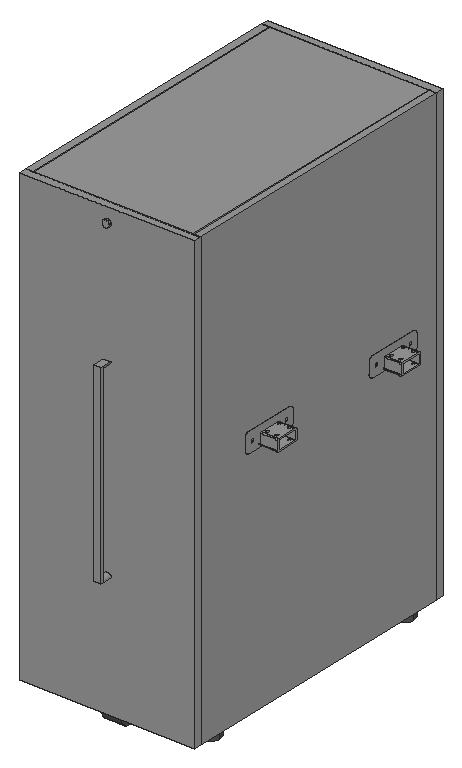
Revit family "Haworth_Epure_Pedestal_SingleDrawer_EU_PRELIMINARY", category Furniture, Revit 2019
Family settings
  OmniClass Number = 23.40.70.14.64.11
  OmniClass Title = Office Furniture
  Work Plane-Based = No
  Always vertical = Yes
  Cut with Voids When Loaded = No
  Shared = No
  Room Calculation Point = No
Parameters (values of type "121H x 45w x 80d - 2 Fixing Kit - New Tibas")
  without Fixing = not(with Fixing)  # no
  with Fixing = and(or(Epure Fixing Left, Epure Fixing Right, New T_Up Fixing Left, New T_Up Fixing Right, New Tibas Fixing Left, New Tibas Fixing Right))  # yes
  Warranty = "http://www.haworth.com/resources/product-info/warranties"
  URL - Product = "https://www.haworth.com/eu/en/products/office-desks/epure-01.html"
  Type Comments = ""
  URL = "https://www.haworth.com/eu/en.html"
  Trim Finish = Haworth _ Polymer _ Undecided
  Small = not(Large)  # no
  Size = "Verify Final Dim.w/ Haworth"  # constant formula
  Revision Number = "1"  # constant formula
  Pedestal Finish [instance] = Haworth _ Laminate _ Undecided _ Pedestal
  New Tibas Fixing Right = yes
  New Tibas Fixing Left = yes
  New T_Up Fixing Right = no
  New T_Up Fixing Left = no
  Model = "EUHP08F1XL"  # constant formula
  Manufacturer = "Haworth"  # constant formula
  Large = yes
  Glide Finish = Haworth _ Polymer _ Black
  Front Finish [instance] = Haworth _ Laminate _ Undecided _ Pedestal
  Fixing Kit Finish [instance] = Haworth _ Polymer _ Undecided
  Fixing Kit = "Either Without Fixing Kit, with One Fixing Kit or with Two Fixing Kit"  # constant formula
  Epure Fixing Right = no
  Epure Fixing Left = no
  Description = "Haworth - Epure - Pedestal with Single Drawer"  # constant formula
  Author = "Haworth (Abd Rahman)"  # constant formula
  Assembly Code = "E2020200"
  Actual Width = 45 cm  # constant formula
  Actual Height = if(Small, 69.5 cm, 121 cm)  # 121 cm
  Actual Depth = 80 cm  # constant formula
Types (6, lengths in cm): name | without Fixing | with Fixing | Small | New Tibas Fixing Right | New Tibas Fixing Left | New T_Up Fixing Right | New T_Up Fixing Left | Large | Epure Fixing Right | Epure Fixing Left | Actual Height
  69.5H x 45w x 80d - No Fixing | yes | no | yes | no | no | no | no | no | no | no | 69.5
  121H x 45w x 80d - No Fixing | yes | no | no | no | no | no | no | yes | no | no | 121
  121H x 45w x 80d - 2 Fixing Kit - Epure | no | yes | no | no | no | no | no | yes | yes | yes | 121
  69.5H x 45w x 80d - Two Fixing Kit - New T_Up | no | yes | yes | no | no | yes | yes | no | no | no | 69.5
  121H x 45w x 80d - 2 Fixing Kit - New Tibas | no | yes | no | yes | yes | no | no | yes | no | no | 121
  69.5H x 45w x 80d - 1 Fixing Kit - New T_Up | no | yes | yes | no | no | yes | no | no | no | no | 69.5
Reference planes (cm)
  plane 1 "Center F/B": y = 17.4526
  plane 2: z = 0
  plane 3 "Center L/R": x = 11.43
  plane 4 "Top": z = 121
  plane 5 "Left": x = -11.07
  plane 6 "Right": x = 33.93
  plane 7 "Back": y = 57.4526
  plane 8 "Front": y = -22.5474
  plane 9: y = -20.6474
  plane 10: y = 55.5526
  plane 11: x = 32.03
  plane 12: x = -9.17
  plane 13: z = 3.7401
  plane 14: z = 5.6401
  plane 15: y = -9.9474
  plane 16: x = -5.3597
  plane 17: y = 51.4693
  plane 18: y = -11.0641
  plane 19: x = 29.1572
  plane 20: z = 6.6
  plane 21: y = -17.9453
  plane 22: z = 2.7019
  plane 23: x = 8.53
  plane 24: x = 13.53
  plane 25: z = 60.5
  plane 26: z = 69.5
  plane 27: y = 1.0707
  plane 28: y = 41.0346
  plane 29: z = 117.2336
  plane 30: y = -22.9792
Forms (cm)
  Extrusion 1, solid, material "Haworth _ Laminate _ Undecided _ Pedestal" <- "Pedestal Finish"
    sketch origin (0, 0, 0) x (1, 0, 0) y (0, 1, 0)
      loop
        line (-11.07, 57.4526) -> (-11.07, 55.5526) -> (33.93, 55.5526) -> (33.93, 57.4526) -> (-11.07, 57.4526)
    from 3.7401 to 121
  Extrusion 2, solid, material "Haworth _ Laminate _ Undecided _ Pedestal" <- "Front Finish"
    sketch origin (0, 0, 0) x (1, 0, 0) y (0, 1, 0)
      loop
        line (-11.07, -20.6474) -> (-11.07, -22.5474) -> (33.93, -22.5474) -> (33.93, -20.6474) -> (-11.07, -20.6474)
    from 3.7401 to 121
  Extrusion 3, solid, material "Haworth _ Laminate _ Undecided _ Pedestal" <- "Pedestal Finish"
    sketch origin (0, 0, 0) x (1, 0, 0) y (0, 1, 0)
      loop
        line (-11.07, 55.5526) -> (-11.07, -20.6474) -> (-9.17, -20.6474) -> (-9.17, 55.5526) -> (-11.07, 55.5526)
      loop
        line (32.03, 55.5526) -> (32.03, -20.6474) -> (33.93, -20.6474) -> (33.93, 55.5526) -> (32.03, 55.5526)
    from 3.7401 to 121
  Extrusion 4, solid, material "Haworth _ Laminate _ Undecided _ Pedestal" <- "Pedestal Finish"
    sketch origin (0, 0, 0) x (1, 0, 0) y (0, 1, 0)
      loop
        line (-9.17, 55.5526) -> (-9.17, -20.6474) -> (32.03, -20.6474) -> (32.03, 55.5526) -> (-9.17, 55.5526)
    from 5.6401 to 121
  Extrusion 5, solid, material "Haworth _ Laminate _ Undecided _ Pedestal" <- "Pedestal Finish"
    sketch origin (0, 0, 0) x (1, 0, 0) y (0, 1, 0)
      loop
        line (-9.17, 55.5526) -> (-9.17, -9.9474) -> (32.03, -9.9474) -> (32.03, 55.5526) -> (-9.17, 55.5526)
    from 3.7401 to 5.6401
  Extrusion 6, solid, material "Haworth _ Polymer _ Black" <- "Glide Finish"
    sketch origin (0, 0, 0) x (1, 0, 0) y (0, 1, 0)
      loop
        circle (-5.3597, 51.4693) r 2.2
      loop
        circle (29.1572, 51.4693) r 2.2
      loop
        circle (-5.3597, -11.0641) r 2.2
      loop
        circle (29.1572, -11.0641) r 2.2
    from 0 to 6.6
  Extrusion 7, solid, material "Haworth _ Polymer _ Black" <- "Glide Finish"
    sketch origin (11.43, 0, 0) x (0, 1, 0) y (0, 0, 1)
      loop
        circle (-17.9453, 2.7019) r 2.7
    from -2.9 to 2.1
  Extrusion 8, solid, material "Haworth _ Polymer _ Undecided" <- "Trim Finish"
    sketch origin (0, -22.5474, 0) x (-1, 0, 0) y (0, 0, 1)
      loop
        circle (-11.43, 117.2336) r 0.92
    from -0.4319 to 0
Lines and regions (cm)
  Masking region 1
    outline origin (0, 0, 0) x (1, 0, 0) y (0, 1, 0)
      loop
        line (-11.07, 57.4526) -> (-11.07, -22.5474) -> (33.93, -22.5474) -> (33.93, 57.4526) -> (-11.07, 57.4526)
      loop
        line (-9.17, 55.5526) -> (-9.17, -20.6474) -> (32.03, -20.6474) -> (32.03, 55.5526) -> (-9.17, 55.5526)
Dimensions and locks (cm)
  "Actual Height": plane 4 "Top" to level
  equal spacing: plane 7 "Back", plane 1 "Center F/B", plane 8 "Front"
  "Actual Depth": plane 7 "Back" to plane 8 "Front"
  equal spacing: plane 5 "Left", plane 3 "Center L/R", plane 6 "Right"
  "Actual Width": plane 5 "Left" to plane 6 "Right"
  locked: plane 9 to plane 8 "Front" at 1.9
  plane 10 to plane 7 "Back" = 1.9 cm
  locked: plane 11 to plane 6 "Right" at 1.9
  locked: plane 5 "Left" to plane 12 at 1.9
  plane 20 to plane 14 to plane 13 to plane 2 = 0.9599 cm locked, 1.9 cm locked, 3.7401 cm locked
  locked: plane 9 to plane 15 at 10.7
  locked: plane 5 "Left" to plane 16 at 5.7103
  locked: plane 19 to plane 6 "Right" at 4.7728
  locked: plane 17 to plane 7 "Back" at 5.9833
  locked: plane 18 to plane 8 "Front" at 11.4833
  locked: plane 8 "Front" to plane 21 at 4.602
  locked: plane 2 to plane 22 at 2.7019
  plane 24 to plane 3 "Center L/R" to plane 23 = 2.1 cm locked, 2.9 cm locked
  equal spacing: plane 4 "Top", plane 25, plane 2
  locked: plane 26 to plane 2 at 69.5
  locked: plane 7 "Back" to plane 28 at 16.418
  locked: plane 8 "Front" to plane 27 at 23.6181
  locked: plane 4 "Top" to plane 29 at 3.7664
  locked: plane 30 to plane 8 "Front" at 0.4319
  aligned and locked: Extrusion 1 sketch curve to plane 10
  aligned and locked: Extrusion 1 sketch curve to plane 6 "Right"
  aligned and locked: Extrusion 1 sketch curve to plane 7 "Back"
  aligned and locked: plane 5 "Left" to Extrusion 1 sketch curve
  aligned and locked: plane 8 "Front" to Extrusion 2 sketch curve
  aligned and locked: Extrusion 2 sketch curve to plane 9
  aligned and locked: Extrusion 2 sketch curve to plane 6 "Right"
  aligned and locked: plane 5 "Left" to Extrusion 2 sketch curve
  aligned and locked: plane 4 "Top" to Extrusion 1
  aligned and locked: plane 4 "Top" to Extrusion 2
  aligned and locked: plane 13 to Extrusion 1
  aligned and locked: plane 13 to Extrusion 2
  aligned and locked: Extrusion 3 sketch curve to plane 6 "Right"
  aligned and locked: plane 11 to Extrusion 3 sketch curve
  aligned and locked: plane 12 to Extrusion 3 sketch curve
  aligned and locked: plane 5 "Left" to Extrusion 3 sketch curve
  aligned and locked: plane 10 to Extrusion 3 sketch curve  (x2)
  aligned and locked: plane 9 to Extrusion 3 sketch curve  (x2)
  aligned and locked: plane 13 to Extrusion 3
  aligned and locked: plane 4 "Top" to Extrusion 3
  aligned and locked: Extrusion 4 sketch curve to plane 11
  aligned and locked: plane 10 to Extrusion 4 sketch curve
  aligned and locked: Extrusion 4 sketch curve to plane 12
  aligned and locked: plane 9 to Extrusion 4 sketch curve
  aligned and locked: plane 14 to Extrusion 4
  aligned and locked: plane 4 "Top" to Extrusion 4
  aligned and locked: Extrusion 5 sketch curve to plane 11
  aligned and locked: plane 10 to Extrusion 5 sketch curve
  aligned and locked: Extrusion 5 sketch curve to plane 12
  aligned and locked: plane 15 to Extrusion 5
  aligned and locked: plane 13 to Extrusion 5
  aligned and locked: Extrusion 5 to plane 14
  aligned and locked: plane 16 to Extrusion 6 sketch curve  (x2)
  aligned and locked: plane 17 to Extrusion 6 sketch curve  (x2)
  aligned and locked: plane 19 to Extrusion 6 sketch curve  (x2)
  aligned and locked: plane 18 to Extrusion 6 sketch curve  (x2)
  aligned and locked: Extrusion 6 to plane 2
  aligned and locked: Extrusion 6 to plane 20
  aligned and locked: plane 21 to Extrusion 7 sketch curve
  aligned and locked: plane 22 to Extrusion 7 sketch curve
  aligned and locked: Extrusion 7 to plane 23
  aligned and locked: plane 24 to Extrusion 7
  aligned and locked: plane 3 "Center L/R" to nested 1
  aligned and locked: nested 1 to plane 8 "Front"
  aligned and locked: plane 25 to nested 1
  aligned and locked: nested 4 to plane 6 "Right"
  aligned and locked: plane 6 "Right" to nested 3
  aligned and locked: nested 2 to plane 6 "Right"
  aligned and locked: nested 4 to plane 26
  aligned and locked: nested 3 to plane 26
  aligned and locked: nested 2 to plane 26
  aligned and locked: nested 2 to plane 28
  aligned and locked: plane 1 "Center F/B" to nested 3
  aligned and locked: nested 4 to plane 28
  aligned and locked: nested 6 to plane 6 "Right"
  aligned and locked: plane 27 to nested 6
  aligned and locked: plane 27 to nested 5
  aligned and locked: nested 5 to plane 6 "Right"
  aligned and locked: nested 6 to plane 26
  aligned and locked: nested 5 to plane 26
  aligned and locked: nested 11 to plane 5 "Left"
  aligned and locked: nested 10 to plane 5 "Left"
  aligned and locked: plane 5 "Left" to nested 8
  aligned and locked: nested 9 to plane 5 "Left"
  aligned and locked: nested 7 to plane 5 "Left"
  aligned and locked: plane 26 to nested 9
  aligned and locked: plane 26 to nested 7
  aligned and locked: plane 26 to nested 8
  aligned and locked: plane 26 to nested 11
  aligned and locked: plane 26 to nested 10
  aligned and locked: nested 11 to plane 27
  aligned and locked: nested 10 to plane 27
  aligned and locked: nested 8 to plane 1 "Center F/B"
  aligned and locked: plane 28 to nested 9
  aligned and locked: plane 28 to nested 7
  aligned and locked: plane 3 "Center L/R" to Extrusion 8 sketch curve
  aligned and locked: plane 29 to Extrusion 8 sketch curve
  aligned and locked: plane 8 "Front" to Extrusion 8
  aligned and locked: Extrusion 8 to plane 30
  aligned and locked: Masking region 1 sketch curve to plane 6 "Right"
  aligned and locked: Masking region 1 sketch curve to plane 7 "Back"
  aligned and locked: plane 5 "Left" to Masking region 1 sketch curve
  aligned and locked: plane 8 "Front" to Masking region 1 sketch curve
  aligned and locked: Masking region 1 sketch curve to plane 11
  aligned and locked: plane 9 to Masking region 1 sketch curve
  aligned and locked: Masking region 1 sketch curve to plane 12
  aligned and locked: plane 10 to Masking region 1 sketch curve
Automatic sketch dimensions
  plane 8 "Front" to Extrusion 5 sketch curve = 12.6 cm
  radius of Extrusion 6 sketch curve = 2.2 cm  (x4)
  radius of Extrusion 7 sketch curve = 2.7 cm
  radius of Extrusion 8 sketch curve = 0.92 cm
Nested families (cm)
  nested 1: "Haworth_Door-Pulls_PART" at (14.6892, -22.4706, 60.5), type "Pull"
    with Classic Pull Length 50 cm
  nested 2: "Haworth_Epure_Pedestal-FixingEpureEU-PART" at (146.3466, 2.2446, 0.4304), Fixing Finish <- "Fixing Kit Finish", visible <- "Epure Fixing Right", type "Epure - Fixing"
    with Fixing Finish Haworth _ Polymer _ Undecided
  nested 3: "Haworth_Epure_Pedestal-FixingNewT_UpEU-PART" at (159.8284, -21.3374, 0.4361), Fixing Finish <- "Fixing Kit Finish", visible <- "New T_Up Fixing Right", type "New T_Up - Fixing"
    with Fixing Finish Haworth _ Polymer _ Undecided
  nested 4: "Haworth_Epure_Pedestal-FixingNewTibasEU-PART" at (141.3466, 2.2446, 0.035), Fixing Finish <- "Fixing Kit Finish", visible <- "New Tibas Fixing Right", type "New Tibas - Fixing"
    with Fixing Finish Haworth _ Polymer _ Undecided
  nested 5: "Haworth_Epure_Pedestal-FixingNewTibasEU-PART" at (141.3466, -37.7193, 0.035), Fixing Finish <- "Fixing Kit Finish", visible <- "New Tibas Fixing Right", type "New Tibas - Fixing"
    with Fixing Finish Haworth _ Polymer _ Undecided
  nested 6: "Haworth_Epure_Pedestal-FixingEpureEU-PART" at (146.3466, -37.7193, 0.4304), Fixing Finish <- "Fixing Kit Finish", visible <- "Epure Fixing Right", type "Epure - Fixing"
    with Fixing Finish Haworth _ Polymer _ Undecided
  nested 7: "Haworth_Epure_Pedestal-FixingEpureEU-PART" at (-123.4866, 2.2446, 0.4304) x (-1, 0, 0) z (0, 0, 1), Fixing Finish <- "Fixing Kit Finish", visible <- "Epure Fixing Left", type "Epure - Fixing"
    with Fixing Finish Haworth _ Polymer _ Undecided
  nested 8: "Haworth_Epure_Pedestal-FixingNewT_UpEU-PART" at (-136.9684, -21.3374, 0.4361) x (-1, 0, 0) z (0, 0, 1), Fixing Finish <- "Fixing Kit Finish", visible <- "New T_Up Fixing Left", type "New T_Up - Fixing"
    with Fixing Finish Haworth _ Polymer _ Undecided
  nested 9: "Haworth_Epure_Pedestal-FixingNewTibasEU-PART" at (-118.4866, 2.2446, 0.035) x (-1, 0, 0) z (0, 0, 1), Fixing Finish <- "Fixing Kit Finish", visible <- "New Tibas Fixing Left", type "New Tibas - Fixing"
    with Fixing Finish Haworth _ Polymer _ Undecided
  nested 10: "Haworth_Epure_Pedestal-FixingNewTibasEU-PART" at (-118.4866, -37.7193, 0.035) x (-1, 0, 0) z (0, 0, 1), Fixing Finish <- "Fixing Kit Finish", visible <- "New Tibas Fixing Left", type "New Tibas - Fixing"
    with Fixing Finish Haworth _ Polymer _ Undecided
  nested 11: "Haworth_Epure_Pedestal-FixingEpureEU-PART" at (-123.4866, -37.7193, 0.4304) x (-1, 0, 0) z (0, 0, 1), Fixing Finish <- "Fixing Kit Finish", visible <- "Epure Fixing Left", type "Epure - Fixing"
    with Fixing Finish Haworth _ Polymer _ Undecided
Definition of nested family "Haworth_Door-Pulls_PART"
  Parameters (values of type "Pull")
    Working Distance = 0 cm  # constant formula
    Wing Pull Length = 21.1074 cm
    Wing = no
    Warranty = "https://www.haworth.com/resources/product-info/warranties"
    URL - Product = ""
    URL = "www.haworth.com"
    Trim Finish = none
    Revision Number = "1"  # constant formula
    Model = "Haworth Be_Hold"  # constant formula
    Manufacturer = "Haworth"  # constant formula
    Linear Pull Length = 18.1102 cm
    Linear = no
    Description = "Haworth - Be_Hold - Door Pulls"
    Cresent = no
    Classic Pull Length = 20.32 cm
    Classic = yes
    Author = "Haworth (Alias)"  # constant formula
    Assembly Code = ""
  Reference planes (cm)
    plane 1 "Center F/B": y = -0.0768
    plane 2 "Center": z = 0
    plane 3 "Center L/R": x = -3.2592
    plane 4 "Right": x = -1.9892
    plane 5 "Left": x = -4.5292
    plane 6 "cresent": x = -3.2592
    plane 7 "classic": x = -3.2592
    plane 8 "linear": x = -3.2592
    plane 9 "Top linear": z = 9.0551
    plane 10 "Bottom linear": z = -9.0551
    plane 11 "Left wing": x = -13.8129
    plane 12 "Right wing": x = 7.2945
    plane 13 "Top classic": z = 10.16
    plane 14 "Bottom classic": z = -10.16
  Forms (cm)
    Extrusion 1, solid, material <- "Trim Finish", visible <- "Linear"
      sketch origin (-3.2592, 0, 0) x (0, 0, 1) y (0, -1, 0)
        loop
          line (9.0551, 0.0768) -> (9.0551, 3.2518) -> (-9.0551, 3.2518) -> (-9.0551, 0.0768) -> (-6.5151, 0.0768) -> (-6.5151, 2.6168) -> (6.5151, 2.6168) -> (6.5151, 0.0768) -> (9.0551, 0.0768)
      from 0.3175 to -0.3175
    Extrusion 2, solid, material <- "Trim Finish", visible <- "Classic"
      sketch origin (-17.5467, -0.0768, 29.0033) x (0, 0, -1) y (1, 0, 0)
        loop
          line (18.8433, 15.24) -> (18.8433, 13.335)
          arc (18.8433, 13.335) -> (19.7958, 14.2875) -> (18.8433, 15.24) r 0.9525
      from 0 to 2.54
    Extrusion 3, solid, material <- "Trim Finish", visible <- "Classic"
      sketch origin (-17.5467, -0.0768, -11.7475) x (0, 0, 1) y (-1, 0, 0)
        loop
          arc (1.5875, -15.24) -> (2.54, -14.2875) -> (1.5875, -13.335) r 0.9525
          line (1.5875, -13.335) -> (1.5875, -15.24)
      from 0 to 2.54
    Extrusion 4, solid, material <- "Trim Finish", visible <- "Classic"
      sketch origin (-17.5467, -0.0768, 29.0033) x (0, 0, -1) y (1, 0, 0)
        loop
          line (18.8433, 15.24) -> (18.8433, 13.335) -> (39.1633, 13.335) -> (39.1633, 15.24) -> (18.8433, 15.24)
      from 2.54 to 3.175
    Sweep 5, solid, material <- "Trim Finish", visible <- "Cresent"
      path origin (-3.2592, 0, 0) x (0, 1, 0) y (0, 0, 1)
        loop
          arc (-0.0768, 9.4293) -> (-3.175, 0.0077) -> (-0.0768, -9.414) r 15.875
      profile origin (-3.2592, -3.175, 0.0077) x (1, 0, 0) y (0, 1, 0)
        loop
          circle (0, 0.3175) r 0.3175
    Extrusion 6, void
      sketch origin (-3.2592, 0, 0) x (0, 0, 1) y (0, -1, 0)
        loop
          line (9.6277, 0.0768) -> (-9.7545, 0.0768) -> (-9.7545, -0.8146) -> (9.6277, -0.8146) -> (9.6277, 0.0768)
      from 0.635 to -0.635
    Sweep 7, solid, material <- "Trim Finish", visible <- "Wing"
      path origin (0, 0, 0) x (1, 0, 0) y (0, 1, 0)
        loop
          line (7.2945, -0.0768) -> (-13.8129, -0.0768)
      profile origin (-3.2592, -0.0768, 0) x (0, -1, 0) y (0, 0, 1)
        loop
          line (0, 0) -> (0, -0.1397) -> (1.8151, -1.154)
          arc (1.8151, -1.154) -> (2.1712, -1.0357) -> (2.0214, -0.6917) r 0.2541
          line (2.0214, -0.6917) -> (0, 0)
    Extrusion 8, void
      sketch origin (0, 0, 0) x (1, 0, 0) y (0, 1, 0)
        loop
          line (-13.8129, -0.0768) -> (-13.8129, -2.7247) -> (-12.8491, -2.7247) -> (-13.8129, -0.0768)
        loop
          line (7.2945, -0.0768) -> (6.3307, -2.7247) -> (7.2945, -2.7247) -> (7.2945, -0.0768)
      from -9.0551 to 9.0551
  Cuts and joins
    Extrusion 6 cuts Extrusion 2
    Extrusion 6 cuts Extrusion 3
    Extrusion 6 cuts Extrusion 4
    joined: Extrusion 2, Extrusion 3, Extrusion 4
    Extrusion 6 cuts Extrusion 1
    Extrusion 6 cuts Sweep 5
    Extrusion 8 cuts Sweep 7
  Lines and regions (cm)
    symbolic lines, detail levels fine
      curve 1: line (-4.5292, -0.0768, 0) -> (-1.9892, -0.0768, 0)
  Dimensions and locks (cm)
    equal spacing: plane 4 "Right", plane 3 "Center L/R", plane 5 "Left"
    locked: plane 4 "Right" to plane 5 "Left" at 2.54
    cut or joined group of Extrusion 2, Extrusion 3, Extrusion 4, Extrusion 6 to plane 7 "classic" to cut or joined group of Extrusion 2, Extrusion 3, Extrusion 4, Extrusion 6 = 0.9525 cm locked, 0.9525 cm locked
    locked: Extrusion 6 sketch curve to plane 9 "Top linear" at 0.5726
    locked: plane 10 "Bottom linear" to Extrusion 6 sketch curve at 0.6994
    locked: Extrusion 8 sketch curve to plane 1 "Center F/B" at 2.6479
    locked: plane 1 "Center F/B" to Extrusion 8 sketch curve at 2.6479
    "Working Distance": plane 3 "Center L/R" to plane 7 "classic"
    "Working Distance": plane 3 "Center L/R" to plane 6 "cresent"
    "Working Distance": plane 3 "Center L/R" to plane 8 "linear"
    locked: plane 9 "Top linear" to Extrusion 1 sketch curve at 2.54
    locked: plane 10 "Bottom linear" to Extrusion 1 sketch curve at 2.54
    equal spacing: plane 9 "Top linear", plane 2 "Center", plane 10 "Bottom linear"
    "Linear Pull Length": plane 9 "Top linear" to plane 10 "Bottom linear"
    equal spacing: plane 13 "Top classic", plane 2 "Center", plane 14 "Bottom classic"
    "Classic Pull Length": plane 13 "Top classic" to plane 14 "Bottom classic"
    equal spacing: plane 12 "Right wing", plane 3 "Center L/R", plane 11 "Left wing"
    "Wing Pull Length": plane 12 "Right wing" to plane 11 "Left wing"
    locked: plane 11 "Left wing" to Extrusion 8 sketch curve at 0.9638
    locked: Extrusion 8 sketch curve to plane 12 "Right wing" at 0.9638
    aligned: Extrusion 1 to plane 1 "Center F/B"  (x2)
    aligned and locked: level to plane 2 "Center"
    aligned and locked: plane 6 "cresent" to Sweep 5 sketch curve
    aligned and locked: Extrusion 1 sketch curve to plane 9 "Top linear"
    aligned and locked: plane 10 "Bottom linear" to Extrusion 1 sketch curve
    aligned and locked: Sweep 7 sketch curve to plane 1 "Center F/B"
    aligned and locked: Extrusion 8 to plane 10 "Bottom linear"
    aligned and locked: plane 9 "Top linear" to Extrusion 8
    aligned and locked: plane 1 "Center F/B" to curve 1
    aligned and locked: plane 4 "Right" to curve 1
    aligned and locked: plane 5 "Left" to curve 1
    aligned and locked: Extrusion 4 sketch curve to plane 13 "Top classic"
    aligned and locked: plane 14 "Bottom classic" to Extrusion 4 sketch curve
    aligned and locked: plane 13 "Top classic" to Extrusion 2 sketch curve  (x2)
    aligned and locked: plane 7 "classic" to Extrusion 2 sketch curve
    aligned and locked: plane 7 "classic" to Extrusion 3 sketch curve
    aligned and locked: plane 14 "Bottom classic" to Extrusion 3 sketch curve  (x2)
    aligned and locked: plane 11 "Left wing" to Sweep 7 sketch curve
    aligned and locked: plane 12 "Right wing" to Sweep 7 sketch curve
    aligned and locked: Extrusion 8 sketch curve to plane 11 "Left wing"
    aligned and locked: Extrusion 8 sketch curve to plane 12 "Right wing"
  Automatic sketch dimensions
    Sweep 5 sketch curve to plane 1 "Center F/B" = 0 cm  (x2)
    level to Sweep 5 sketch curve = 0.0077 cm
    Sweep 5 sketch curve to plane 1 "Center F/B" = 12.7768 cm
    Sweep 5 sketch curve to profile plane = 0.3175 cm
    Sweep 5 sketch curve to level = 9.414 cm
    Extrusion 6 sketch curve to plane 1 "Center F/B" = 0 cm
    Extrusion 6 sketch curve to plane 1 "Center F/B" = 0.8914 cm
    Sweep 7 sketch curve to level = 0 cm
    Sweep 7 sketch curve to profile plane = 0 cm
    Sweep 7 sketch curve to profile plane = 1.8151 cm
    Sweep 7 sketch curve to Sweep 7 sketch curve = 0.124 cm
    Sweep 7 sketch curve to level = 0.6917 cm
    Sweep 7 sketch curve to Sweep 7 sketch curve = 0.0823 cm
    Sweep 7 sketch curve to Sweep 7 sketch curve = 0.2404 cm
    Sweep 7 sketch curve to Sweep 7 sketch curve = 0.1397 cm
    Extrusion 1 sketch curve to plane 1 "Center F/B" = 0 cm  (x2)
    plane 1 "Center F/B" to Extrusion 1 sketch curve = 2.54 cm
    Extrusion 1 sketch curve to Extrusion 1 sketch curve = 0.635 cm
    plane 5 "Left" to Extrusion 4 sketch curve = 0.3175 cm
    Extrusion 4 sketch curve to plane 4 "Right" = 0.3175 cm
    plane 1 "Center F/B" to Extrusion 8 sketch curve = 0 cm  (x2)
    plane 5 "Left" to Extrusion 2 sketch curve = 0.3175 cm
    Extrusion 3 sketch curve to plane 4 "Right" = 0.3175 cm
    radius of Sweep 5 sketch curve = 0.3175 cm
Definition of nested family "Haworth_Epure_Pedestal-FixingEpureEU-PART"
  Parameters (values of type "Epure - Fixing")
    Warranty = "http://www.haworth.com/resources/product-info/warranties"
    URL - Product = ""
    URL = "https://www.haworth.com/eu/en.html"
    Size = "Verify Final Dim. w/ Haworth"  # constant formula
    Revision Number = "1"  # constant formula
    Model = ""
    Manufacturer = "Haworth"  # constant formula
    Fixing Finish [instance] = none
    Epure Fixing = yes
    Description = ""
    Author = "Haworth (Abd Rahman)"  # constant formula
    Assembly Code = "E2020200"
    Actual Width = 10 cm  # constant formula
    Actual Height = 6 cm  # constant formula
    Actual Depth = 15 cm  # constant formula
  Reference planes (cm)
    plane 1: z = -0.5
    plane 2: y = 38.79
    plane 3: x = -102.4166
    plane 4: x = -112.4166
    plane 5: x = -107.4166
    plane 6: y = 31.29
    plane 7: y = 46.29
    plane 8: z = 69.0696
    plane 9: z = 63.0696
  Forms (cm)
    Extrusion 1, solid, material <- "Fixing Finish", visible <- "Epure Fixing"
      sketch origin (355.0287, 127.25, 0) x (1, 0, 0) y (0, 0, 1)
        loop
          line (-467.0453, 63.4696) -> (-467.0453, 69.0696) -> (-467.4453, 69.0696) -> (-467.4453, 63.0696) -> (-457.4453, 63.0696) -> (-457.4453, 63.4696) -> (-467.0453, 63.4696)
      from 80.96 to 95.96
    Extrusion 2, void
      sketch origin (355.0287, 113.46, 0) x (1, 0, 0) y (0, 1, 0)
        loop
          arc (-458.3839, -67.17) -> (-457.7047, -67.4942) -> (-457.4453, -68.2007) r 0.9976
          line (-457.4453, -68.2007) -> (-456.8057, -68.2007) -> (-456.8057, -66.432) -> (-458.3839, -66.432) -> (-458.3839, -67.17)
        loop
          line (-458.3839, -82.17) -> (-458.3839, -82.908) -> (-456.8057, -82.908) -> (-456.8057, -81.1393) -> (-457.4453, -81.1393)
          arc (-457.4453, -81.1393) -> (-457.7047, -81.8458) -> (-458.3839, -82.17) r 0.9976
      from 57.6233 to 71.12
    Extrusion 3, void
      sketch origin (272.3427, 113.46, 0) x (0, -1, 0) y (0, 0, 1)
        loop
          line (68.1143, 69.0687) -> (68.1143, 69.375) -> (66.822, 69.375) -> (66.822, 68.2351) -> (67.17, 68.2351)
          arc (67.17, 68.2351) -> (67.5002, 68.8127) -> (68.1143, 69.0687) r 1.0316
        loop
          arc (81.2257, 69.0687) -> (81.8399, 68.8127) -> (82.17, 68.2351) r 1.0316
          line (82.17, 68.2351) -> (82.518, 68.2351) -> (82.518, 69.375) -> (81.2257, 69.375) -> (81.2257, 69.0687)
      from 380.2925 to 386.2667
  Cuts and joins
    Extrusion 2, Extrusion 3 cuts Extrusion 1
  Lines and regions (cm)
    Masking region 1
      outline origin (0, 0, 0) x (1, 0, 0) y (0, 1, 0)
        loop
          arc (-102.4166, 45.3289) -> (-102.6999, 45.9911) -> (-103.3552, 46.29) r 0.9976
          line (-103.3552, 46.29) -> (-112.4166, 46.29) -> (-112.4166, 31.29) -> (-103.3552, 31.29)
          arc (-103.3552, 31.29) -> (-102.6999, 31.5889) -> (-102.4166, 32.2511) r 0.9976
          line (-102.4166, 32.2511) -> (-102.4166, 45.3289)
  Dimensions and locks (cm)
    "Actual Width": plane 4 to plane 3
    equal spacing: plane 4, plane 5, plane 3
    equal spacing: plane 6, plane 2, plane 7
    "Actual Depth": plane 6 to plane 7
    "Actual Height": plane 8 to plane 9
  Automatic sketch dimensions
    Extrusion 1 sketch curve to Extrusion 1 sketch curve = 0.4 cm  (x2)
    Extrusion 1 sketch curve to Extrusion 1 sketch curve = 5.6 cm
    Extrusion 2 sketch curve to Extrusion 2 sketch curve = 0.6395 cm
    plane 2 to Extrusion 2 sketch curve = 8.238 cm
    Extrusion 2 sketch curve to Extrusion 2 sketch curve = 0.738 cm  (x2)
    Extrusion 2 sketch curve to Extrusion 2 sketch curve = 0.9959 cm
    Extrusion 2 sketch curve to plane 2 = 6.4693 cm
    Extrusion 2 sketch curve to Extrusion 2 sketch curve = 0.0348 cm
    Extrusion 3 sketch curve to plane 2 = 7.848 cm
    Extrusion 3 sketch curve to Extrusion 3 sketch curve = 0.348 cm  (x2)
    Extrusion 3 sketch curve to Extrusion 3 sketch curve = 0.9443 cm
    Extrusion 3 sketch curve to Extrusion 3 sketch curve = 0.0685 cm  (x2)
    plane 2 to Extrusion 3 sketch curve = 6.4872 cm
    Extrusion 3 sketch curve to Extrusion 3 sketch curve = 1.0128 cm
    Extrusion 3 sketch curve to Extrusion 3 sketch curve = 0 cm
    Extrusion 3 sketch curve to Extrusion 3 sketch curve = 0.1957 cm  (x2)
    Extrusion 3 sketch curve to Extrusion 3 sketch curve = 0.3063 cm
    Extrusion 3 sketch curve to Extrusion 3 sketch curve = 1.1399 cm
    plane 4 to Extrusion 1 sketch curve = 0 cm
    plane 3 to Extrusion 1 sketch curve = 0 cm
    Extrusion 2 sketch curve to plane 3 = 0 cm  (x2)
    plane 3 to Extrusion 2 sketch curve = 0.9386 cm  (x2)
    plane 3 to Extrusion 2 sketch curve = 0.997 cm  (x2)
    Extrusion 2 sketch curve to plane 3 = 0.6395 cm
    Masking region 1 sketch curve to plane 4 = 0 cm
    plane 7 to Masking region 1 sketch curve = 0 cm
    plane 6 to Masking region 1 sketch curve = 0 cm
    Masking region 1 sketch curve to plane 3 = 0 cm
    plane 3 to Masking region 1 sketch curve = 0.997 cm  (x2)
    plane 3 to Masking region 1 sketch curve = 0.9386 cm  (x2)
    Masking region 1 sketch curve to Masking region 1 sketch curve = 0.9959 cm  (x2)
    level to Extrusion 1 sketch curve = 63.0696 cm
    level to Extrusion 3 sketch curve = 68.0394 cm
Definition of nested family "Haworth_Epure_Pedestal-FixingNewT_UpEU-PART"
  Parameters (values of type "New T_Up - Fixing")
    Warranty = "http://www.haworth.com/resources/product-info/warranties"
    URL - Product = ""
    URL = "https://www.haworth.com/eu/en.html"
    Size = "Verify Final Dim. w/ Haworth"  # constant formula
    Revision Number = "1"  # constant formula
    Model = ""
    Manufacturer = "Haworth"  # constant formula
    Fixing Finish [instance] = none
    New T_Up Fixing = yes
    Description = ""
    Author = "Haworth (Abd Rahman)"  # constant formula
    Assembly Code = "E2020200"
    Actual Width = 17.5 cm  # constant formula
    Actual Height = 6 cm  # constant formula
    Actual Depth = 47 cm  # constant formula
  Reference planes (cm)
    plane 1: z = -0.5
    plane 2: y = 38.79
    plane 3 "Front": y = 15.29
    plane 4: y = 62.29
    plane 5: x = -125.8984
    plane 6: x = -108.3984
    plane 7: x = -117.1484
    plane 8: z = 69.0639
    plane 9: z = 63.0639
  Forms (cm)
    Extrusion 1, solid, material <- "Fixing Finish"
      sketch origin (91.4946, 173.3217, 0) x (1, 0, 0) y (0, 0, 1)
        loop
          line (-217.393, 68.4639) -> (-217.393, 63.0639) -> (-216.993, 63.0639) -> (-216.993, 68.4639)
          arc (-216.993, 68.4639) -> (-216.9344, 68.6054) -> (-216.793, 68.6639) r 0.2
          line (-216.793, 68.6639) -> (-215.393, 68.6639) -> (-215.393, 69.0639) -> (-216.793, 69.0639)
          arc (-216.793, 69.0639) -> (-217.2173, 68.8882) -> (-217.393, 68.4639) r 0.6
      from 111.0317 to 158.0317
    Extrusion 2, void
      sketch origin (-10.922, 158.0317, 0) x (0, -1, 0) y (0, 0, 1)
        loop
          line (95.7417, 64.0639) -> (95.4244, 64.0639) -> (95.4244, 62.7291) -> (96.7417, 62.7291) -> (96.7417, 63.0639)
          arc (96.7417, 63.0639) -> (96.0346, 63.3568) -> (95.7417, 64.0639) r 1
        loop
          arc (142.7417, 64.0639) -> (142.4488, 63.3568) -> (141.7417, 63.0639) r 1
          line (141.7417, 63.0639) -> (141.7417, 62.7291) -> (143.059, 62.7291) -> (143.059, 64.0639) -> (142.7417, 64.0639)
      from 105.2921 to 125.5793
    Extrusion 3, void
      sketch origin (91.4946, 158.0317, 0) x (1, 0, 0) y (0, 1, 0)
        loop
          arc (-216.393, -95.7417) -> (-215.6859, -96.0346) -> (-215.393, -96.7417) r 1
          line (-215.393, -96.7417) -> (-215.0511, -96.7417) -> (-215.0511, -95.4137) -> (-216.393, -95.4137) -> (-216.393, -95.7417)
        loop
          line (-216.393, -142.7417) -> (-216.393, -143.0697) -> (-215.0511, -143.0697) -> (-215.0511, -141.7417) -> (-215.393, -141.7417)
          arc (-215.393, -141.7417) -> (-215.6859, -142.4488) -> (-216.393, -142.7417) r 1
      from 58.3352 to 71.12
    Extrusion 4, void
      sketch origin (-10.922, 158.0317, 0) x (0, -1, 0) y (0, 0, 1)
        loop
          circle (140.7823, 65.9669) r 0.6
        loop
          circle (129.7198, 65.9669) r 0.6
        loop
          circle (97.701, 65.9669) r 0.6
        loop
          circle (108.7635, 65.9669) r 0.6
      from 103.4009 to 121.0334
    Extrusion 5, solid, material <- "Fixing Finish"
      sketch origin (-10.922, 158.0317, 0) x (0, -1, 0) y (0, 0, 1)
        loop
          line (116.9817, 67.7139) -> (116.9817, 63.8139)
          arc (116.9817, 63.8139) -> (117.0725, 63.5947) -> (117.2917, 63.5039) r 0.31
          line (117.2917, 63.5039) -> (121.1917, 63.5039)
          arc (121.1917, 63.5039) -> (121.4109, 63.5947) -> (121.5017, 63.8139) r 0.31
          line (121.5017, 63.8139) -> (121.5017, 67.7139)
          arc (121.5017, 67.7139) -> (121.4109, 67.9331) -> (121.1917, 68.0239) r 0.31
          line (121.1917, 68.0239) -> (117.2917, 68.0239)
          arc (117.2917, 68.0239) -> (117.0725, 67.9331) -> (116.9817, 67.7139) r 0.31
        loop
          line (117.2083, 67.7139) -> (117.2083, 63.8139)
          arc (117.2083, 63.8139) -> (117.2376, 63.7432) -> (117.3083, 63.7139) r 0.1
          line (117.3083, 63.7139) -> (121.2083, 63.7139)
          arc (121.2083, 63.7139) -> (121.279, 63.7432) -> (121.3083, 63.8139) r 0.1
          line (121.3083, 63.8139) -> (121.3083, 67.7139)
          arc (121.3083, 67.7139) -> (121.279, 67.7846) -> (121.2083, 67.8139) r 0.1
          line (121.2083, 67.8139) -> (117.3083, 67.8139)
          arc (117.3083, 67.8139) -> (117.2376, 67.7846) -> (117.2083, 67.7139) r 0.1
      from 97.4764 to 114.8764
    Extrusion 6, solid, material <- "Fixing Finish"
      sketch origin (91.4946, 158.0317, 0) x (1, 0, 0) y (0, 1, 0)
        loop
          circle (-206.6968, -119.2409) r 0.4
        loop
          circle (-206.6968, -119.2409) r 0.6
        loop
          circle (-201.4954, -119.2409) r 0.4
        loop
          circle (-201.4954, -119.2409) r 0.6
      from 63.7139 to 64.3139
    Extrusion 7, void
      sketch origin (91.4946, 173.3217, 0) x (1, 0, 0) y (0, 0, 1)
        loop
          circle (-207.0939, 65.7618) r 0.275
      from 128.5752 to 139.236
  Cuts and joins
    Extrusion 2, Extrusion 3, Extrusion 4 cuts Extrusion 1
    Extrusion 7 cuts Extrusion 5
  Lines and regions (cm)
    Masking region 1
      outline origin (0, 0, 0) x (1, 0, 0) y (0, 1, 0)
        loop
          line (-125.8984, 62.29) -> (-125.8984, 15.29) -> (-123.9014, 15.29) -> (-123.9014, 36.53) -> (-108.3984, 36.53) -> (-108.3984, 41.0669) -> (-123.9014, 41.0669) -> (-123.9014, 62.29) -> (-125.8984, 62.29)
  Dimensions and locks (cm)
    "Actual Depth": plane 3 "Front" to plane 4
    equal spacing: plane 3 "Front", plane 2, plane 4
    equal spacing: plane 5, plane 7, plane 6
    "Actual Width": plane 5 to plane 6
    "Actual Height": plane 8 to plane 9
  Automatic sketch dimensions
    Extrusion 1 sketch curve to Extrusion 1 sketch curve = 0 cm  (x2)
    Extrusion 1 sketch curve to plane 5 = 0 cm
    plane 5 to Extrusion 1 sketch curve = 0.4 cm
    Extrusion 1 sketch curve to Extrusion 1 sketch curve = 0.2 cm
    Extrusion 1 sketch curve to Extrusion 1 sketch curve = 1.4 cm
    Extrusion 2 sketch curve to plane 4 = 0 cm
    Extrusion 2 sketch curve to plane 3 "Front" = 0 cm
    Extrusion 2 sketch curve to Extrusion 2 sketch curve = 0.3173 cm
    plane 4 to Extrusion 2 sketch curve = 1 cm
    Extrusion 2 sketch curve to Extrusion 2 sketch curve = 1 cm
    plane 3 "Front" to Extrusion 2 sketch curve = 0.3173 cm
    Extrusion 2 sketch curve to Extrusion 2 sketch curve = 1.3348 cm  (x2)
    plane 4 to Extrusion 3 sketch curve = 0 cm
    plane 3 "Front" to Extrusion 3 sketch curve = 0 cm
    plane 5 to Extrusion 3 sketch curve = 1 cm  (x2)
    plane 3 "Front" to Extrusion 3 sketch curve = 0.328 cm
    plane 4 to Extrusion 3 sketch curve = 1 cm
    Extrusion 3 sketch curve to Extrusion 3 sketch curve = 1 cm
    Extrusion 3 sketch curve to Extrusion 3 sketch curve = 0.3419 cm  (x2)
    Extrusion 3 sketch curve to Extrusion 3 sketch curve = 0.328 cm
    plane 4 to Extrusion 4 sketch curve = 1.9593 cm
    Extrusion 4 sketch curve to plane 2 = 10.4782 cm
    plane 2 to Extrusion 4 sketch curve = 10.4782 cm
    Extrusion 4 sketch curve to plane 3 "Front" = 1.9593 cm
    Extrusion 5 sketch curve to plane 2 = 2.26 cm
    Extrusion 5 sketch curve to Extrusion 5 sketch curve = 0.2266 cm
    Extrusion 5 sketch curve to Extrusion 5 sketch curve = 0.0834 cm  (x2)
    Extrusion 5 sketch curve to Extrusion 5 sketch curve = 0.0166 cm  (x4)
    plane 2 to Extrusion 5 sketch curve = 1.95 cm
    Extrusion 5 sketch curve to Extrusion 5 sketch curve = 0.31 cm
    Extrusion 5 sketch curve to Extrusion 5 sketch curve = 0.1 cm  (x2)
    Extrusion 5 sketch curve to Extrusion 5 sketch curve = 0 cm
    Extrusion 6 sketch curve to Extrusion 6 sketch curve = 0 cm  (x4)
    Extrusion 6 sketch curve to plane 2 = 0.0008 cm  (x2)
    plane 7 to Extrusion 6 sketch curve = 1.9462 cm
    Extrusion 6 sketch curve to plane 6 = 1.6024 cm
    plane 7 to Extrusion 7 sketch curve = 1.5491 cm
    Masking region 1 sketch curve to plane 3 "Front" = 0 cm
    Masking region 1 sketch curve to plane 5 = 0 cm
    Masking region 1 sketch curve to plane 6 = 0 cm
    plane 2 to Masking region 1 sketch curve = 2.26 cm
    Masking region 1 sketch curve to plane 2 = 2.2769 cm
    plane 5 to Masking region 1 sketch curve = 1.997 cm  (x2)
    plane 4 to Masking region 1 sketch curve = 0 cm
    Extrusion 5 sketch curve to Extrusion 5 sketch curve = 0.1166 cm
    Extrusion 1 sketch curve to plane 8 = 0 cm
    plane 8 to Extrusion 5 sketch curve = 1.35 cm
    Extrusion 1 sketch curve to plane 9 = 0 cm
    plane 9 to Extrusion 2 sketch curve = 0 cm  (x2)
    Extrusion 4 sketch curve to plane 9 = 2.903 cm  (x4)
    Extrusion 5 sketch curve to plane 9 = 0.75 cm
    Extrusion 7 sketch curve to plane 9 = 2.6979 cm
    radius of Extrusion 4 sketch curve = 0.6 cm  (x4)
    radius of Extrusion 6 sketch curve = 0.4 cm  (x2)
    radius of Extrusion 6 sketch curve = 0.6 cm  (x2)
    radius of Extrusion 7 sketch curve = 0.275 cm
Definition of nested family "Haworth_Epure_Pedestal-FixingNewTibasEU-PART"
  Parameters (values of type "New Tibas - Fixing")
    Warranty = "http://www.haworth.com/resources/product-info/warranties"
    URL - Product = ""
    URL = "https://www.haworth.com/eu/en.html"
    Size = "Verify Final Dim. w/ Haworth"  # constant formula
    Revision Number = "1"  # constant formula
    Model = ""
    Manufacturer = "Haworth"  # constant formula
    Fixing Finish [instance] = none
    New Tibas Fixing = yes
    Description = ""
    Author = "Haworth (Abd Rahman)"  # constant formula
    Assembly Code = "E2020200"
    Actual Width = 5 cm  # constant formula
    Actual Height = 5 cm  # constant formula
    Actual Depth = 15 cm  # constant formula
  Reference planes (cm)
    plane 1: z = -0.5
    plane 2: y = 38.79
    plane 3 "Right": x = -102.4166
    plane 4: x = -107.4166
    plane 5: x = -104.9166
    plane 6 "Front": y = 31.29
    plane 7: y = 46.29
    plane 8: z = 69.465
    plane 9: z = 64.465
  Forms (cm)
    Extrusion 1, solid, material <- "Fixing Finish"
      sketch origin (-100.138, 153.4216, 0) x (0, -1, 0) y (0, 0, 1)
        loop
          arc (107.1316, 65.465) -> (107.4245, 64.7579) -> (108.1316, 64.465) r 1
          line (108.1316, 64.465) -> (121.1316, 64.465)
          arc (121.1316, 64.465) -> (121.8387, 64.7579) -> (122.1316, 65.465) r 1
          line (122.1316, 65.465) -> (122.1316, 68.465)
          arc (122.1316, 68.465) -> (121.8387, 69.1721) -> (121.1316, 69.465) r 1
          line (121.1316, 69.465) -> (108.1316, 69.465)
          arc (108.1316, 69.465) -> (107.4245, 69.1721) -> (107.1316, 68.465) r 1
          line (107.1316, 68.465) -> (107.1316, 65.465)
        loop
          circle (109.1126, 66.9622) r 0.6
        loop
          circle (120.1507, 66.9622) r 0.6
      from 6.8776 to 7.2787
    Extrusion 2, solid, material <- "Fixing Finish"
      sketch origin (-100.138, 153.4216, 0) x (0, -1, 0) y (0, 0, 1)
        loop
          arc (117.6684, 67.665) -> (117.6098, 67.8064) -> (117.4684, 67.865) r 0.2
          line (117.4684, 67.865) -> (111.8684, 67.865)
          arc (111.8684, 67.865) -> (111.7269, 67.8064) -> (111.6684, 67.665) r 0.2
          line (111.6684, 67.665) -> (111.6684, 65.065)
          arc (111.6684, 65.065) -> (111.7269, 64.9236) -> (111.8684, 64.865) r 0.2
          line (111.8684, 64.865) -> (117.4684, 64.865)
          arc (117.4684, 64.865) -> (117.6098, 64.9236) -> (117.6684, 65.065) r 0.2
          line (117.6684, 65.065) -> (117.6684, 67.665)
        loop
          line (117.4319, 65.115) -> (117.4319, 67.615)
          arc (117.4319, 67.615) -> (117.4173, 67.6503) -> (117.3819, 67.665) r 0.05
          line (117.3819, 67.665) -> (111.8819, 67.665)
          arc (111.8819, 67.665) -> (111.8466, 67.6503) -> (111.8319, 67.615) r 0.05
          line (111.8319, 67.615) -> (111.8319, 65.115)
          arc (111.8319, 65.115) -> (111.8466, 65.0796) -> (111.8819, 65.065) r 0.05
          line (111.8819, 65.065) -> (117.3819, 65.065)
          arc (117.3819, 65.065) -> (117.4173, 65.0796) -> (117.4319, 65.115) r 0.05
      from 2.2782 to 7.1782
    Extrusion 3, void
      sketch origin (-0.2213, 153.4216, 0) x (1, 0, 0) y (0, 1, 0)
        loop
          circle (-103.2452, -112.631) r 0.35
        loop
          circle (-105.744, -112.631) r 0.35
        loop
          circle (-103.2452, -116.6329) r 0.35
        loop
          circle (-105.744, -116.6329) r 0.35
      from 62.4401 to 69.465
  Cuts and joins
    Extrusion 3 cuts Extrusion 2
  Lines and regions (cm)
    Masking region 1
      outline origin (0, 0, 0) x (1, 0, 0) y (0, 1, 0)
        loop
          line (-107.4166, 46.29) -> (-107.4166, 31.29) -> (-107.0156, 31.29) -> (-107.0156, 35.7532) -> (-102.4162, 35.7532) -> (-102.4162, 41.7607) -> (-107.0156, 41.7607) -> (-107.0156, 46.29) -> (-107.4166, 46.29)
  Dimensions and locks (cm)
    "Actual Width": plane 4 to plane 3 "Right"
    equal spacing: plane 4, plane 5, plane 3 "Right"
    equal spacing: plane 6 "Front", plane 2, plane 7
    "Actual Depth": plane 6 "Front" to plane 7
    "Actual Height": plane 8 to plane 9
  Automatic sketch dimensions
    plane 7 to Extrusion 1 sketch curve = 0 cm
    Extrusion 1 sketch curve to Extrusion 1 sketch curve = 1 cm
    Extrusion 1 sketch curve to Extrusion 1 sketch curve = 0.9809 cm  (x3)
    plane 7 to Extrusion 1 sketch curve = 13.0191 cm
    Extrusion 1 sketch curve to Extrusion 1 sketch curve = 1.5028 cm  (x2)
    plane 7 to Extrusion 2 sketch curve = 4.5368 cm
    Extrusion 2 sketch curve to Extrusion 2 sketch curve = 0.1636 cm
    Extrusion 2 sketch curve to Extrusion 2 sketch curve = 0.0364 cm  (x3)
    Extrusion 2 sketch curve to Extrusion 2 sketch curve = 0.0136 cm
    Extrusion 2 sketch curve to Extrusion 2 sketch curve = 0.05 cm  (x3)
    plane 7 to Extrusion 2 sketch curve = 10.2503 cm  (x2)
    plane 7 to Extrusion 2 sketch curve = 10.3368 cm
    plane 7 to Extrusion 2 sketch curve = 10.5368 cm
    Extrusion 2 sketch curve to Extrusion 2 sketch curve = 0 cm
    plane 7 to Extrusion 3 sketch curve = 5.4994 cm
    plane 3 "Right" to Extrusion 3 sketch curve = 3.5487 cm
    plane 7 to Extrusion 3 sketch curve = 9.5012 cm  (x2)
    Extrusion 3 sketch curve to Extrusion 3 sketch curve = 0 cm  (x2)
    Extrusion 3 sketch curve to Extrusion 3 sketch curve = 2.4988 cm  (x2)
    Masking region 1 sketch curve to plane 4 = 0 cm
    plane 6 "Front" to Masking region 1 sketch curve = 0 cm
    plane 7 to Masking region 1 sketch curve = 0 cm
    Masking region 1 sketch curve to plane 3 "Right" = 0.0004 cm
    plane 2 to Masking region 1 sketch curve = 3.0368 cm
    Masking region 1 sketch curve to plane 2 = 2.9707 cm
    Masking region 1 sketch curve to plane 4 = 0.401 cm
    Masking region 1 sketch curve to Masking region 1 sketch curve = 0.401 cm
    Extrusion 1 sketch curve to plane 6 "Front" = 0 cm
    plane 7 to Extrusion 1 sketch curve = 1 cm
    Extrusion 1 sketch curve to Extrusion 1 sketch curve = 1.4972 cm
    Extrusion 2 sketch curve to Extrusion 2 sketch curve = 2.5 cm
    level to Extrusion 1 sketch curve = 64.465 cm
    level to Extrusion 2 sketch curve = 64.865 cm
    radius of Extrusion 1 sketch curve = 0.6 cm  (x2)
    radius of Extrusion 3 sketch curve = 0.35 cm  (x4)
